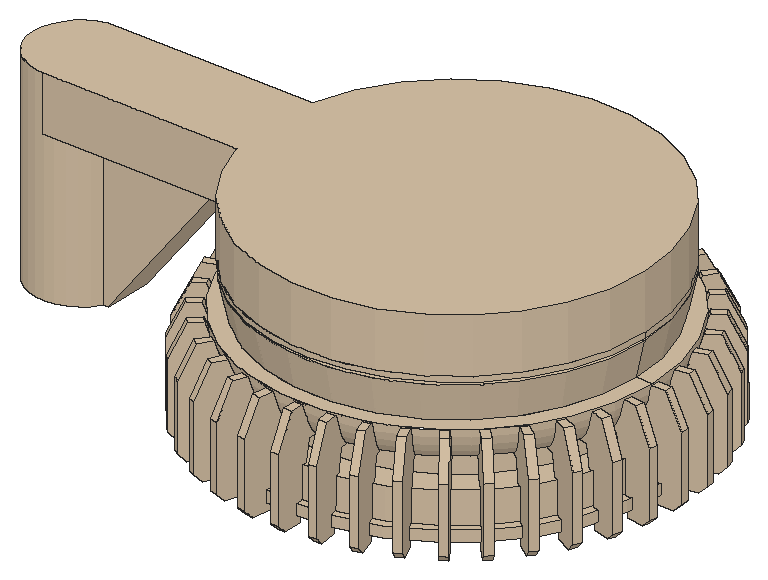
Revit family "KHL_Kemlu-Sanchion_0deg_Mount", category Lighting Fixtures, host Face, Revit 2021
Family settings
  Host = Face
  Round Connector Dimension = Use Diameter
  Part Type = Normal
  OmniClass Number = 23.80.70.14
  OmniClass Title = Luminaries for External Lighting
  Cut with Voids When Loaded = No
  Light Source = Yes
  Shared = No
  Room Calculation Point = No
Parameters (values of type "KHL-36L-X-5K-N")
  Wattage Comments = "86 Watts, 36 LEDs"
  Wattage = 86 W
  Watt = 86 W
  built-in parameter 1150110 = 1 (stored number, unit not read)
  Voltage = 277 V
  URL = "www.currentlighting.com/columbialighting"
  built-in parameter 1114217 = 1 (stored number, unit not read)
  Tilt Angle = -90.00°
  built-in parameter 1150109 = 1 (stored number, unit not read)
  built-in parameter 1150134 = 2
  built-in parameter 1150113 = 1 (stored number, unit not read)
  Product Page URL = ""
  Product Documentation Link = ""
  Power Factor = 1
  Photometric Web File = "KXL-36L-X-5K-N.ies"
  Optics = "Type V Rectangle"
  Model = "KHL - Kemlux III LED"  # constant formula
  Material Finish = Tan
  Manufacturer = "Columbia Lighting"  # constant formula
  built-in parameter 1150105 = 718.58 (stored number, unit not read)
  Lumens = 9030 lm
  built-in parameter 1150115 = 1 (stored number, unit not read)
  Load Classification = Lighting
  built-in parameter 1150137 = (empty or 0)
  built-in parameter 1150139 = (empty or 0)
  built-in parameter 1150112 = 1 (stored number, unit not read)
  built-in parameter 1150114 = 1 (stored number, unit not read)
  Lamp = "36 High Performanc LEDs"
  built-in parameter 1150132 = (empty or 0)
  built-in parameter 1150102 = (empty or 0)
  built-in parameter 1150107 = 5000 (stored number, unit not read)
  built-in parameter 1150138 = (empty or 0)
  built-in parameter 1150106 = 7.1858 (stored number, unit not read)
  Glass = White Glass
  Emit from Circle Diameter = 0' - 11"
  Emit Shape Visible in Rendering = no
  built-in parameter 1150104 = 9.7548 (stored number, unit not read)
  Dimming Lamp Color Temperature Shift = <None>
  Description = "Class I, Division 2 LED Fixture Series"  # constant formula
  Default Elevation = 4' - 0"
  Color Filter = 16777215
  built-in parameter 1114218 = 1 (stored number, unit not read)
  built-in parameter 1150133 = 10 (stored number, unit not read)
  Apparent Load = Watt / Power Factor  # 86 VA
Reference planes (in)
  plane 1 "Center (Front/Back)": y = 0
  plane 2: z = 0
  plane 3 "Center (Left/Right)": x = 0
  plane 4: z = 6.5
  plane 5: z = 4.75
  plane 6: x = 12
  plane 7: y = 0.75
  plane 8: y = -0.75
  plane 9: y = 1.5
  plane 10: y = -1.5
Forms (in)
  Extrusion 1, solid, material "Tan" <- "Material Finish"
    sketch origin (0, 0, 0) x (1, 0, 0) y (0, 1, 0)
      loop
        circle (0, 0) r 1.5
    from 0 to 6.5
  Extrusion 2, solid, material "Tan" <- "Material Finish"
    sketch origin (0, 0, 0) x (1, 0, 0) y (0, 1, 0)
      loop
        line (0, 1.5) -> (0, -1.5) -> (6.19052, -1.5)
        arc (6.19052, -1.5) -> (18, 0) -> (6.19052, 1.5) r 6
        line (6.19052, 1.5) -> (0, 1.5)
    from 6.5 to 4.75
  Extrusion 3, solid, material "Tan" <- "Material Finish"
    sketch origin (0, 0, 0) x (1, 0, 0) y (0, 0, 1)
      loop
        line (0, 5.53932) -> (0, 0) -> (1.5, 0) -> (5.759, 5.53932) -> (0, 5.53932)
    from 0.75 to -0.75
Cuts and joins
  joined: Extrusion 1, Extrusion 2, Extrusion 3
Lines and regions (in)
  reference lines
    curve 1: line (-5.55547, 0, 5.53932) -> (10.19453, 0, 5.53932)
    curve 2: line (7.29478, 0, 7.53677) -> (-0.62911, 0, -2.76915)
Dimensions and locks (in)
  plane 4 to plane 2 = 0' - 6 1/2"
  locked: plane 4 to plane 5 at 1.75
  locked: plane 6 to plane 3 "Center (Left/Right)" at 12
  equal spacing: plane 8, plane 1 "Center (Front/Back)", plane 7, locked at 0.75 each
  equal spacing: plane 9, plane 1 "Center (Front/Back)", plane 10, locked at 1.5 each
  aligned and locked: plane 2 to host face
  aligned and locked: level to host face
  aligned and locked: plane 4 to Extrusion 1
  aligned and locked: Extrusion 1 to plane 2
  aligned and locked: nested 1 to plane 6
  aligned and locked: plane 1 "Center (Front/Back)" to Extrusion 2 sketch curve
  aligned and locked: plane 6 to Extrusion 2 sketch curve
  aligned and locked: nested 1 to plane 1 "Center (Front/Back)"
  aligned and locked: plane 8 to Extrusion 3
  aligned and locked: plane 7 to Extrusion 3
  aligned and locked: plane 3 "Center (Left/Right)" to Extrusion 1 sketch curve
  aligned and locked: plane 1 "Center (Front/Back)" to Extrusion 1 sketch curve
  aligned and locked: plane 9 to cut or joined group of Extrusion 1, Extrusion 2, Extrusion 3
  aligned and locked: plane 10 to cut or joined group of Extrusion 1, Extrusion 2, Extrusion 3
  aligned and locked: Extrusion 2 to Extrusion 1
  aligned and locked: Extrusion 2 to plane 5
  aligned and locked: imposter light to plane 6
  aligned and locked: imposter light to nested 1
  aligned and locked: plane 1 "Center (Front/Back)" to imposter light
  aligned and locked: Extrusion 3 sketch curve to plane 3 "Center (Left/Right)"
  aligned and locked: plane 2 to Extrusion 3 sketch curve
  aligned and locked: curve 1 to Extrusion 3 sketch curve
  aligned and locked: curve 2 to Extrusion 3 sketch curve
Automatic sketch dimensions
  host sketch curve to host sketch curve = 8' - 0"  (x2)
  Extrusion 2 sketch curve to plane 3 "Center (Left/Right)" = 0' - 0"
  plane 8 to Extrusion 2 sketch curve = 0' - 0 3/4"
  Extrusion 2 sketch curve to plane 6 = 0' - 5.80948"
  plane 7 to Extrusion 2 sketch curve = 0' - 0 3/4"
  plane 5 to curve 1 = 0' - 0.78932"
  curve 1 to plane 3 "Center (Left/Right)" = 0' - 5.55547"
  curve 2 to plane 3 "Center (Left/Right)" = 0' - 0.62911"
  plane 4 to curve 2 = 0' - 1.03677"
  curve 2 to plane 6 = 0' - 4.70522"
  curve 1 to plane 6 = 0' - 1.80547"
  curve 2 to level = 0' - 2.76915"
  radius of Extrusion 1 sketch curve = 0' - 1 1/2"
Nested families (in)
  nested 1: "KHL" at (12, 0, 4.75) x (1, 0, 0) z (0, 0, -1), type "KHL"
Connectors (in)
  electrical at (12, 0, 4.5), driven by "Load Classification", driven by "Voltage", driven by "Apparent Load", driven by "Power Factor"
    settings: on nested 1, index 1, voltage 277 V, apparent load 86 VA, apparent load phase1 0 VA, apparent load phase2 0 VA, apparent load phase3 0 VA, power factor 1, load classification "Lighting", number of poles 1, system type 30, power factor state 1, is connector primary yes, connector utility no, sub classification motor no, connector description "Lighting Connector"
Definition of nested family "KHL"
  Parameters
    Wattage Comments = ""
    URL = ""
    Model = ""
    Material Finish = none
    Manufacturer = ""
    Lamp = ""
    IES FILE LINK = ""
    Glass = none
    Description = ""
    Default Elevation = 4' - 0"
    Apparent Load = 0 VA
  Reference planes (in)
    plane 1 "Center (Front/Back)": y = 0
    plane 2: z = 0
    plane 3 "Center (Left/Right)": x = 0
    plane 4: x = -7.25
    plane 5: x = 7.25
    plane 6: x = -5.5
    plane 7: x = 5.5
  Forms (in)
    Extrusion 1, solid
      sketch origin (0, 0, 0) x (1, 0, 0) y (0, 1, 0)
        loop
          line (-48, 48) -> (-48, -48) -> (48, -48) -> (48, 48) -> (-48, 48)
      from 0 to -12
    Revolve 2, solid, material <- "Material Finish"
      sketch origin (0, 0, -1.3125) x (1, 0, 0) y (0, 0, 1)
        loop
          line (5.73742, 2.6875) -> (6.24933, 2.6875)
          arc (6.24933, 2.6875) -> (6.15662, 3.19814) -> (5.89032, 3.6436) r 1.45262
          line (5.89032, 3.6436) -> (5.5, 3.6436) -> (5.5, 4.37254) -> (6.34375, 4.37254) -> (6.34375, 5.37007) -> (6.59375, 5.37007) -> (6.59375, 5.71977) -> (5.95302, 5.71977) -> (5.95302, 4.75) -> (0, 4.75) -> (0, 1.3125) -> (6, 1.3125) -> (6, 1.47979) -> (5.5, 1.47979) -> (5.5, 1.5625) -> (5.99031, 1.5625) -> (5.73742, 2.6875)
        axis (0, 5.71977) -> (0, 1.3125)
      angle from 0 to 360
    Extrusion 3, solid, material <- "Glass"
      sketch origin (0, 0, -1.3125) x (1, 0, 0) y (0, 1, 0)
        loop
          circle (0, 0) r 5.95302
      from 5.71977 to 5.56262
    Extrusion 4, solid, material <- "Material Finish"
      sketch origin (0, 0, -1.3125) x (1, 0, 0) y (0, 0, 1)
        loop
          line (6.42821, 6) -> (6.42821, 5.66655) -> (6.045, 3.7335) -> (5.75, 3.7335) -> (5.75, 3.06247) -> (6.1875, 3.06247) -> (6.31956, 2.66852) -> (6.75, 2.66852) -> (7.25, 3.69367) -> (7.25, 5.75) -> (7, 6) -> (6.42821, 6)
      from 0.125 to -0.125
    Extrusion 5, solid, material <- "Material Finish"
      sketch origin (0, 0, -1.3125) x (0.987688, -0.156434, 0) y (0, 0, 1)
        loop
          line (6.42821, 6) -> (6.42821, 5.66655) -> (6.045, 3.7335) -> (5.75, 3.7335) -> (5.75, 3.06247) -> (6.1875, 3.06247) -> (6.31956, 2.66852) -> (6.75, 2.66852) -> (7.25, 3.69367) -> (7.25, 5.75) -> (7, 6) -> (6.42821, 6)
      from 0.125 to -0.125
    Extrusion 6, solid, material <- "Material Finish"
      sketch origin (0, 0, -1.3125) x (0.951057, -0.309017, 0) y (0, 0, 1)
        loop
          line (6.42821, 6) -> (6.42821, 5.66655) -> (6.045, 3.7335) -> (5.75, 3.7335) -> (5.75, 3.06247) -> (6.1875, 3.06247) -> (6.31956, 2.66852) -> (6.75, 2.66852) -> (7.25, 3.69367) -> (7.25, 5.75) -> (7, 6) -> (6.42821, 6)
      from 0.125 to -0.125
    Extrusion 7, solid, material <- "Material Finish"
      sketch origin (0, 0, -1.3125) x (0.891007, -0.45399, 0) y (0, 0, 1)
        loop
          line (6.42821, 6) -> (6.42821, 5.66655) -> (6.045, 3.7335) -> (5.75, 3.7335) -> (5.75, 3.06247) -> (6.1875, 3.06247) -> (6.31956, 2.66852) -> (6.75, 2.66852) -> (7.25, 3.69367) -> (7.25, 5.75) -> (7, 6) -> (6.42821, 6)
      from 0.125 to -0.125
    Extrusion 8, solid, material <- "Material Finish"
      sketch origin (0, 0, -1.3125) x (0.809017, -0.587785, 0) y (0, 0, 1)
        loop
          line (6.42821, 6) -> (6.42821, 5.66655) -> (6.045, 3.7335) -> (5.75, 3.7335) -> (5.75, 3.06247) -> (6.1875, 3.06247) -> (6.31956, 2.66852) -> (6.75, 2.66852) -> (7.25, 3.69367) -> (7.25, 5.75) -> (7, 6) -> (6.42821, 6)
      from 0.125 to -0.125
    Extrusion 9, solid, material <- "Material Finish"
      sketch origin (0, 0, -1.3125) x (0.707107, -0.707107, 0) y (0, 0, 1)
        loop
          line (6.42821, 6) -> (6.42821, 5.66655) -> (6.045, 3.7335) -> (5.75, 3.7335) -> (5.75, 3.06247) -> (6.1875, 3.06247) -> (6.31956, 2.66852) -> (6.75, 2.66852) -> (7.25, 3.69367) -> (7.25, 5.75) -> (7, 6) -> (6.42821, 6)
      from 0.125 to -0.125
    Extrusion 10, solid, material <- "Material Finish"
      sketch origin (0, 0, -1.3125) x (0.587785, -0.809017, 0) y (0, 0, 1)
        loop
          line (6.42821, 6) -> (6.42821, 5.66655) -> (6.045, 3.7335) -> (5.75, 3.7335) -> (5.75, 3.06247) -> (6.1875, 3.06247) -> (6.31956, 2.66852) -> (6.75, 2.66852) -> (7.25, 3.69367) -> (7.25, 5.75) -> (7, 6) -> (6.42821, 6)
      from 0.125 to -0.125
    Extrusion 11, solid, material <- "Material Finish"
      sketch origin (0, 0, -1.3125) x (0.45399, -0.891007, 0) y (0, 0, 1)
        loop
          line (6.42821, 6) -> (6.42821, 5.66655) -> (6.045, 3.7335) -> (5.75, 3.7335) -> (5.75, 3.06247) -> (6.1875, 3.06247) -> (6.31956, 2.66852) -> (6.75, 2.66852) -> (7.25, 3.69367) -> (7.25, 5.75) -> (7, 6) -> (6.42821, 6)
      from 0.125 to -0.125
    Extrusion 12, solid, material <- "Material Finish"
      sketch origin (0, 0, -1.3125) x (0.309017, -0.951057, 0) y (0, 0, 1)
        loop
          line (6.42821, 6) -> (6.42821, 5.66655) -> (6.045, 3.7335) -> (5.75, 3.7335) -> (5.75, 3.06247) -> (6.1875, 3.06247) -> (6.31956, 2.66852) -> (6.75, 2.66852) -> (7.25, 3.69367) -> (7.25, 5.75) -> (7, 6) -> (6.42821, 6)
      from 0.125 to -0.125
    Extrusion 13, solid, material <- "Material Finish"
      sketch origin (0, 0, -1.3125) x (0.156434, -0.987688, 0) y (0, 0, 1)
        loop
          line (6.42821, 6) -> (6.42821, 5.66655) -> (6.045, 3.7335) -> (5.75, 3.7335) -> (5.75, 3.06247) -> (6.1875, 3.06247) -> (6.31956, 2.66852) -> (6.75, 2.66852) -> (7.25, 3.69367) -> (7.25, 5.75) -> (7, 6) -> (6.42821, 6)
      from 0.125 to -0.125
    Extrusion 14, solid, material <- "Material Finish"
      sketch origin (0, 0, -1.3125) x (0, -1, 0) y (0, 0, 1)
        loop
          line (6.42821, 6) -> (6.42821, 5.66655) -> (6.045, 3.7335) -> (5.75, 3.7335) -> (5.75, 3.06247) -> (6.1875, 3.06247) -> (6.31956, 2.66852) -> (6.75, 2.66852) -> (7.25, 3.69367) -> (7.25, 5.75) -> (7, 6) -> (6.42821, 6)
      from 0.125 to -0.125
    Extrusion 15, solid, material <- "Material Finish"
      sketch origin (0, 0, -1.3125) x (-0.156434, -0.987688, 0) y (0, 0, 1)
        loop
          line (6.42821, 6) -> (6.42821, 5.66655) -> (6.045, 3.7335) -> (5.75, 3.7335) -> (5.75, 3.06247) -> (6.1875, 3.06247) -> (6.31956, 2.66852) -> (6.75, 2.66852) -> (7.25, 3.69367) -> (7.25, 5.75) -> (7, 6) -> (6.42821, 6)
      from 0.125 to -0.125
    Extrusion 16, solid, material <- "Material Finish"
      sketch origin (0, 0, -1.3125) x (-0.309017, -0.951057, 0) y (0, 0, 1)
        loop
          line (6.42821, 6) -> (6.42821, 5.66655) -> (6.045, 3.7335) -> (5.75, 3.7335) -> (5.75, 3.06247) -> (6.1875, 3.06247) -> (6.31956, 2.66852) -> (6.75, 2.66852) -> (7.25, 3.69367) -> (7.25, 5.75) -> (7, 6) -> (6.42821, 6)
      from 0.125 to -0.125
    Extrusion 17, solid, material <- "Material Finish"
      sketch origin (0, 0, -1.3125) x (-0.45399, -0.891007, 0) y (0, 0, 1)
        loop
          line (6.42821, 6) -> (6.42821, 5.66655) -> (6.045, 3.7335) -> (5.75, 3.7335) -> (5.75, 3.06247) -> (6.1875, 3.06247) -> (6.31956, 2.66852) -> (6.75, 2.66852) -> (7.25, 3.69367) -> (7.25, 5.75) -> (7, 6) -> (6.42821, 6)
      from 0.125 to -0.125
    Extrusion 18, solid, material <- "Material Finish"
      sketch origin (0, 0, -1.3125) x (-0.587785, -0.809017, 0) y (0, 0, 1)
        loop
          line (6.42821, 6) -> (6.42821, 5.66655) -> (6.045, 3.7335) -> (5.75, 3.7335) -> (5.75, 3.06247) -> (6.1875, 3.06247) -> (6.31956, 2.66852) -> (6.75, 2.66852) -> (7.25, 3.69367) -> (7.25, 5.75) -> (7, 6) -> (6.42821, 6)
      from 0.125 to -0.125
    Extrusion 19, solid, material <- "Material Finish"
      sketch origin (0, 0, -1.3125) x (-0.707107, -0.707107, 0) y (0, 0, 1)
        loop
          line (6.42821, 6) -> (6.42821, 5.66655) -> (6.045, 3.7335) -> (5.75, 3.7335) -> (5.75, 3.06247) -> (6.1875, 3.06247) -> (6.31956, 2.66852) -> (6.75, 2.66852) -> (7.25, 3.69367) -> (7.25, 5.75) -> (7, 6) -> (6.42821, 6)
      from 0.125 to -0.125
    Extrusion 20, solid, material <- "Material Finish"
      sketch origin (0, 0, -1.3125) x (-0.809017, -0.587785, 0) y (0, 0, 1)
        loop
          line (6.42821, 6) -> (6.42821, 5.66655) -> (6.045, 3.7335) -> (5.75, 3.7335) -> (5.75, 3.06247) -> (6.1875, 3.06247) -> (6.31956, 2.66852) -> (6.75, 2.66852) -> (7.25, 3.69367) -> (7.25, 5.75) -> (7, 6) -> (6.42821, 6)
      from 0.125 to -0.125
    Extrusion 21, solid, material <- "Material Finish"
      sketch origin (0, 0, -1.3125) x (-0.891007, -0.45399, 0) y (0, 0, 1)
        loop
          line (6.42821, 6) -> (6.42821, 5.66655) -> (6.045, 3.7335) -> (5.75, 3.7335) -> (5.75, 3.06247) -> (6.1875, 3.06247) -> (6.31956, 2.66852) -> (6.75, 2.66852) -> (7.25, 3.69367) -> (7.25, 5.75) -> (7, 6) -> (6.42821, 6)
      from 0.125 to -0.125
    Extrusion 22, solid, material <- "Material Finish"
      sketch origin (0, 0, -1.3125) x (-0.951057, -0.309017, 0) y (0, 0, 1)
        loop
          line (6.42821, 6) -> (6.42821, 5.66655) -> (6.045, 3.7335) -> (5.75, 3.7335) -> (5.75, 3.06247) -> (6.1875, 3.06247) -> (6.31956, 2.66852) -> (6.75, 2.66852) -> (7.25, 3.69367) -> (7.25, 5.75) -> (7, 6) -> (6.42821, 6)
      from 0.125 to -0.125
    Extrusion 23, solid, material <- "Material Finish"
      sketch origin (0, 0, -1.3125) x (-0.987688, -0.156434, 0) y (0, 0, 1)
        loop
          line (6.42821, 6) -> (6.42821, 5.66655) -> (6.045, 3.7335) -> (5.75, 3.7335) -> (5.75, 3.06247) -> (6.1875, 3.06247) -> (6.31956, 2.66852) -> (6.75, 2.66852) -> (7.25, 3.69367) -> (7.25, 5.75) -> (7, 6) -> (6.42821, 6)
      from 0.125 to -0.125
    Extrusion 24, solid, material <- "Material Finish"
      sketch origin (0, 0, -1.3125) x (-1, 0, 0) y (0, 0, 1)
        loop
          line (6.42821, 6) -> (6.42821, 5.66655) -> (6.045, 3.7335) -> (5.75, 3.7335) -> (5.75, 3.06247) -> (6.1875, 3.06247) -> (6.31956, 2.66852) -> (6.75, 2.66852) -> (7.25, 3.69367) -> (7.25, 5.75) -> (7, 6) -> (6.42821, 6)
      from 0.125 to -0.125
    Extrusion 25, solid, material <- "Material Finish"
      sketch origin (0, 0, -1.3125) x (-0.987688, 0.156434, 0) y (0, 0, 1)
        loop
          line (6.42821, 6) -> (6.42821, 5.66655) -> (6.045, 3.7335) -> (5.75, 3.7335) -> (5.75, 3.06247) -> (6.1875, 3.06247) -> (6.31956, 2.66852) -> (6.75, 2.66852) -> (7.25, 3.69367) -> (7.25, 5.75) -> (7, 6) -> (6.42821, 6)
      from 0.125 to -0.125
    Extrusion 26, solid, material <- "Material Finish"
      sketch origin (0, 0, -1.3125) x (-0.951057, 0.309017, 0) y (0, 0, 1)
        loop
          line (6.42821, 6) -> (6.42821, 5.66655) -> (6.045, 3.7335) -> (5.75, 3.7335) -> (5.75, 3.06247) -> (6.1875, 3.06247) -> (6.31956, 2.66852) -> (6.75, 2.66852) -> (7.25, 3.69367) -> (7.25, 5.75) -> (7, 6) -> (6.42821, 6)
      from 0.125 to -0.125
    Extrusion 27, solid, material <- "Material Finish"
      sketch origin (0, 0, -1.3125) x (-0.891007, 0.45399, 0) y (0, 0, 1)
        loop
          line (6.42821, 6) -> (6.42821, 5.66655) -> (6.045, 3.7335) -> (5.75, 3.7335) -> (5.75, 3.06247) -> (6.1875, 3.06247) -> (6.31956, 2.66852) -> (6.75, 2.66852) -> (7.25, 3.69367) -> (7.25, 5.75) -> (7, 6) -> (6.42821, 6)
      from 0.125 to -0.125
    Extrusion 28, solid, material <- "Material Finish"
      sketch origin (0, 0, -1.3125) x (-0.809017, 0.587785, 0) y (0, 0, 1)
        loop
          line (6.42821, 6) -> (6.42821, 5.66655) -> (6.045, 3.7335) -> (5.75, 3.7335) -> (5.75, 3.06247) -> (6.1875, 3.06247) -> (6.31956, 2.66852) -> (6.75, 2.66852) -> (7.25, 3.69367) -> (7.25, 5.75) -> (7, 6) -> (6.42821, 6)
      from 0.125 to -0.125
    Extrusion 29, solid, material <- "Material Finish"
      sketch origin (0, 0, -1.3125) x (-0.707107, 0.707107, 0) y (0, 0, 1)
        loop
          line (6.42821, 6) -> (6.42821, 5.66655) -> (6.045, 3.7335) -> (5.75, 3.7335) -> (5.75, 3.06247) -> (6.1875, 3.06247) -> (6.31956, 2.66852) -> (6.75, 2.66852) -> (7.25, 3.69367) -> (7.25, 5.75) -> (7, 6) -> (6.42821, 6)
      from 0.125 to -0.125
    Extrusion 30, solid, material <- "Material Finish"
      sketch origin (0, 0, -1.3125) x (-0.587785, 0.809017, 0) y (0, 0, 1)
        loop
          line (6.42821, 6) -> (6.42821, 5.66655) -> (6.045, 3.7335) -> (5.75, 3.7335) -> (5.75, 3.06247) -> (6.1875, 3.06247) -> (6.31956, 2.66852) -> (6.75, 2.66852) -> (7.25, 3.69367) -> (7.25, 5.75) -> (7, 6) -> (6.42821, 6)
      from 0.125 to -0.125
    Extrusion 31, solid, material <- "Material Finish"
      sketch origin (0, 0, -1.3125) x (-0.45399, 0.891007, 0) y (0, 0, 1)
        loop
          line (6.42821, 6) -> (6.42821, 5.66655) -> (6.045, 3.7335) -> (5.75, 3.7335) -> (5.75, 3.06247) -> (6.1875, 3.06247) -> (6.31956, 2.66852) -> (6.75, 2.66852) -> (7.25, 3.69367) -> (7.25, 5.75) -> (7, 6) -> (6.42821, 6)
      from 0.125 to -0.125
    Extrusion 32, solid, material <- "Material Finish"
      sketch origin (0, 0, -1.3125) x (-0.309017, 0.951057, 0) y (0, 0, 1)
        loop
          line (6.42821, 6) -> (6.42821, 5.66655) -> (6.045, 3.7335) -> (5.75, 3.7335) -> (5.75, 3.06247) -> (6.1875, 3.06247) -> (6.31956, 2.66852) -> (6.75, 2.66852) -> (7.25, 3.69367) -> (7.25, 5.75) -> (7, 6) -> (6.42821, 6)
      from 0.125 to -0.125
    Extrusion 33, solid, material <- "Material Finish"
      sketch origin (0, 0, -1.3125) x (-0.156434, 0.987688, 0) y (0, 0, 1)
        loop
          line (6.42821, 6) -> (6.42821, 5.66655) -> (6.045, 3.7335) -> (5.75, 3.7335) -> (5.75, 3.06247) -> (6.1875, 3.06247) -> (6.31956, 2.66852) -> (6.75, 2.66852) -> (7.25, 3.69367) -> (7.25, 5.75) -> (7, 6) -> (6.42821, 6)
      from 0.125 to -0.125
    Extrusion 34, solid, material <- "Material Finish"
      sketch origin (0, 0, -1.3125) x (0, 1, 0) y (0, 0, 1)
        loop
          line (6.42821, 6) -> (6.42821, 5.66655) -> (6.045, 3.7335) -> (5.75, 3.7335) -> (5.75, 3.06247) -> (6.1875, 3.06247) -> (6.31956, 2.66852) -> (6.75, 2.66852) -> (7.25, 3.69367) -> (7.25, 5.75) -> (7, 6) -> (6.42821, 6)
      from 0.125 to -0.125
    Extrusion 35, solid, material <- "Material Finish"
      sketch origin (0, 0, -1.3125) x (0.156434, 0.987688, 0) y (0, 0, 1)
        loop
          line (6.42821, 6) -> (6.42821, 5.66655) -> (6.045, 3.7335) -> (5.75, 3.7335) -> (5.75, 3.06247) -> (6.1875, 3.06247) -> (6.31956, 2.66852) -> (6.75, 2.66852) -> (7.25, 3.69367) -> (7.25, 5.75) -> (7, 6) -> (6.42821, 6)
      from 0.125 to -0.125
    Extrusion 36, solid, material <- "Material Finish"
      sketch origin (0, 0, -1.3125) x (0.309017, 0.951057, 0) y (0, 0, 1)
        loop
          line (6.42821, 6) -> (6.42821, 5.66655) -> (6.045, 3.7335) -> (5.75, 3.7335) -> (5.75, 3.06247) -> (6.1875, 3.06247) -> (6.31956, 2.66852) -> (6.75, 2.66852) -> (7.25, 3.69367) -> (7.25, 5.75) -> (7, 6) -> (6.42821, 6)
      from 0.125 to -0.125
    Extrusion 37, solid, material <- "Material Finish"
      sketch origin (0, 0, -1.3125) x (0.45399, 0.891007, 0) y (0, 0, 1)
        loop
          line (6.42821, 6) -> (6.42821, 5.66655) -> (6.045, 3.7335) -> (5.75, 3.7335) -> (5.75, 3.06247) -> (6.1875, 3.06247) -> (6.31956, 2.66852) -> (6.75, 2.66852) -> (7.25, 3.69367) -> (7.25, 5.75) -> (7, 6) -> (6.42821, 6)
      from 0.125 to -0.125
    Extrusion 38, solid, material <- "Material Finish"
      sketch origin (0, 0, -1.3125) x (0.587785, 0.809017, 0) y (0, 0, 1)
        loop
          line (6.42821, 6) -> (6.42821, 5.66655) -> (6.045, 3.7335) -> (5.75, 3.7335) -> (5.75, 3.06247) -> (6.1875, 3.06247) -> (6.31956, 2.66852) -> (6.75, 2.66852) -> (7.25, 3.69367) -> (7.25, 5.75) -> (7, 6) -> (6.42821, 6)
      from 0.125 to -0.125
    Extrusion 39, solid, material <- "Material Finish"
      sketch origin (0, 0, -1.3125) x (0.707107, 0.707107, 0) y (0, 0, 1)
        loop
          line (6.42821, 6) -> (6.42821, 5.66655) -> (6.045, 3.7335) -> (5.75, 3.7335) -> (5.75, 3.06247) -> (6.1875, 3.06247) -> (6.31956, 2.66852) -> (6.75, 2.66852) -> (7.25, 3.69367) -> (7.25, 5.75) -> (7, 6) -> (6.42821, 6)
      from 0.125 to -0.125
    Extrusion 40, solid, material <- "Material Finish"
      sketch origin (0, 0, -1.3125) x (0.809017, 0.587785, 0) y (0, 0, 1)
        loop
          line (6.42821, 6) -> (6.42821, 5.66655) -> (6.045, 3.7335) -> (5.75, 3.7335) -> (5.75, 3.06247) -> (6.1875, 3.06247) -> (6.31956, 2.66852) -> (6.75, 2.66852) -> (7.25, 3.69367) -> (7.25, 5.75) -> (7, 6) -> (6.42821, 6)
      from 0.125 to -0.125
    Extrusion 41, solid, material <- "Material Finish"
      sketch origin (0, 0, -1.3125) x (0.891007, 0.45399, 0) y (0, 0, 1)
        loop
          line (6.42821, 6) -> (6.42821, 5.66655) -> (6.045, 3.7335) -> (5.75, 3.7335) -> (5.75, 3.06247) -> (6.1875, 3.06247) -> (6.31956, 2.66852) -> (6.75, 2.66852) -> (7.25, 3.69367) -> (7.25, 5.75) -> (7, 6) -> (6.42821, 6)
      from 0.125 to -0.125
    Extrusion 42, solid, material <- "Material Finish"
      sketch origin (0, 0, -1.3125) x (0.951057, 0.309017, 0) y (0, 0, 1)
        loop
          line (6.42821, 6) -> (6.42821, 5.66655) -> (6.045, 3.7335) -> (5.75, 3.7335) -> (5.75, 3.06247) -> (6.1875, 3.06247) -> (6.31956, 2.66852) -> (6.75, 2.66852) -> (7.25, 3.69367) -> (7.25, 5.75) -> (7, 6) -> (6.42821, 6)
      from 0.125 to -0.125
    Extrusion 43, solid, material <- "Material Finish"
      sketch origin (0, 0, -1.3125) x (0.987688, 0.156434, 0) y (0, 0, 1)
        loop
          line (6.42821, 6) -> (6.42821, 5.66655) -> (6.045, 3.7335) -> (5.75, 3.7335) -> (5.75, 3.06247) -> (6.1875, 3.06247) -> (6.31956, 2.66852) -> (6.75, 2.66852) -> (7.25, 3.69367) -> (7.25, 5.75) -> (7, 6) -> (6.42821, 6)
      from 0.125 to -0.125
  Lines and regions (in)
    reference lines
      curve 1: line (5.95302, 0, 4.75) -> (0, 0, 4.75)
      curve 2: line (5.95302, 0, 5.92266) -> (5.95302, 0, 4.75)
      curve 3: line (6.59375, 0, 5.37007) -> (6.59375, 0, 5.92266)
      curve 4: line (6.34375, 0, 5.37007) -> (6.59375, 0, 5.37007)
      curve 5: line (6.34375, 0, 4.37254) -> (5.5, 0, 4.37254)
      curve 6: line (6.34375, 0, 4.37254) -> (6.34375, 0, 5.37007)
      curve 7: arc (6.25, 0, 2.75) -> (6.14885, 0, 3.28681) -> (5.85927, 0, 3.75) r 1.47501
      curve 8: line (5.85927, 0, 2.75) -> (6.25, 0, 2.75)
      curve 9: line (5.85927, 0, 2.75) -> (5.85927, 0, 1.75)
      curve 10: line (5.85927, 0, 1.75) -> (4.74529, 0, 1.75)
      curve 11: line (5.85927, 0, 3.75) -> (4.8978, 0, 3.75)
      curve 12: line (5.10824, 0, 5.71977) -> (6.99125, 0, 5.71977)
  Dimensions and locks (in)
    equal spacing: plane 5, plane 3 "Center (Left/Right)", plane 4
    locked: plane 5 to plane 4 at 14.5
    equal spacing: plane 7, plane 3 "Center (Left/Right)", plane 6, locked at 5.5 each
    aligned and locked: plane 2 to Extrusion 1
    aligned and locked: level to Extrusion 1
    aligned and locked: Extrusion 3 sketch curve to Revolve 2
  Automatic sketch dimensions
    Extrusion 4 sketch curve to Extrusion 4 sketch curve = 0' - 0 7/16"
    Extrusion 4 sketch curve to Extrusion 4 sketch curve = 0' - 0.13206"
    Extrusion 4 sketch curve to Extrusion 4 sketch curve = 0' - 0.295"
    Extrusion 4 sketch curve to Extrusion 4 sketch curve = 0' - 0.38321"
    Extrusion 4 sketch curve to Extrusion 4 sketch curve = 0' - 0.43044"
    Extrusion 4 sketch curve to Extrusion 4 sketch curve = 0' - 0.57179"
    Extrusion 4 sketch curve to Extrusion 4 sketch curve = 0' - 0 1/4"  (x2)
    Extrusion 4 sketch curve to Extrusion 4 sketch curve = 0' - 0.39395"
    Extrusion 4 sketch curve to Extrusion 4 sketch curve = 0' - 1.02515"
    Extrusion 4 sketch curve to Extrusion 4 sketch curve = 0' - 0.67103"
    Extrusion 4 sketch curve to Extrusion 4 sketch curve = 0' - 1.93305"
    Extrusion 4 sketch curve to Extrusion 4 sketch curve = 0' - 0.08345"
    Extrusion 5 sketch curve to Extrusion 5 sketch curve = 0' - 0 7/16"
    Extrusion 5 sketch curve to Extrusion 5 sketch curve = 0' - 0.13206"
    Extrusion 5 sketch curve to Extrusion 5 sketch curve = 0' - 0.295"
    Extrusion 5 sketch curve to Extrusion 5 sketch curve = 0' - 0.38321"
    Extrusion 5 sketch curve to Extrusion 5 sketch curve = 0' - 0.43044"
    Extrusion 5 sketch curve to Extrusion 5 sketch curve = 0' - 0.57179"
    Extrusion 5 sketch curve to Extrusion 5 sketch curve = 0' - 0 1/4"  (x2)
    Extrusion 5 sketch curve to Extrusion 5 sketch curve = 0' - 0.39395"
    Extrusion 5 sketch curve to Extrusion 5 sketch curve = 0' - 1.02515"
    Extrusion 5 sketch curve to Extrusion 5 sketch curve = 0' - 0.67103"
    Extrusion 5 sketch curve to Extrusion 5 sketch curve = 0' - 1.93305"
    Extrusion 5 sketch curve to Extrusion 5 sketch curve = 0' - 0.08345"
    Extrusion 6 sketch curve to Extrusion 6 sketch curve = 0' - 0 7/16"
    Extrusion 6 sketch curve to Extrusion 6 sketch curve = 0' - 0.13206"
    Extrusion 6 sketch curve to Extrusion 6 sketch curve = 0' - 0.295"
    Extrusion 6 sketch curve to Extrusion 6 sketch curve = 0' - 0.38321"
    Extrusion 6 sketch curve to Extrusion 6 sketch curve = 0' - 0.43044"
    Extrusion 6 sketch curve to Extrusion 6 sketch curve = 0' - 0.57179"
    Extrusion 6 sketch curve to Extrusion 6 sketch curve = 0' - 0 1/4"  (x2)
    Extrusion 6 sketch curve to Extrusion 6 sketch curve = 0' - 0.39395"
    Extrusion 6 sketch curve to Extrusion 6 sketch curve = 0' - 1.02515"
    Extrusion 6 sketch curve to Extrusion 6 sketch curve = 0' - 0.67103"
    Extrusion 6 sketch curve to Extrusion 6 sketch curve = 0' - 1.93305"
    Extrusion 6 sketch curve to Extrusion 6 sketch curve = 0' - 0.08345"
    Extrusion 7 sketch curve to Extrusion 7 sketch curve = 0' - 0 7/16"
    Extrusion 7 sketch curve to Extrusion 7 sketch curve = 0' - 0.13206"
    Extrusion 7 sketch curve to Extrusion 7 sketch curve = 0' - 0.295"
    Extrusion 7 sketch curve to Extrusion 7 sketch curve = 0' - 0.38321"
    Extrusion 7 sketch curve to Extrusion 7 sketch curve = 0' - 0.43044"
    Extrusion 7 sketch curve to Extrusion 7 sketch curve = 0' - 0.57179"
    Extrusion 7 sketch curve to Extrusion 7 sketch curve = 0' - 0 1/4"  (x2)
    Extrusion 7 sketch curve to Extrusion 7 sketch curve = 0' - 0.39395"
    Extrusion 7 sketch curve to Extrusion 7 sketch curve = 0' - 1.02515"
    Extrusion 7 sketch curve to Extrusion 7 sketch curve = 0' - 0.67103"
    Extrusion 7 sketch curve to Extrusion 7 sketch curve = 0' - 1.93305"
    Extrusion 7 sketch curve to Extrusion 7 sketch curve = 0' - 0.08345"
    Extrusion 8 sketch curve to Extrusion 8 sketch curve = 0' - 0 7/16"
    Extrusion 8 sketch curve to Extrusion 8 sketch curve = 0' - 0.13206"
    Extrusion 8 sketch curve to Extrusion 8 sketch curve = 0' - 0.295"
    Extrusion 8 sketch curve to Extrusion 8 sketch curve = 0' - 0.38321"
    Extrusion 8 sketch curve to Extrusion 8 sketch curve = 0' - 0.43044"
    Extrusion 8 sketch curve to Extrusion 8 sketch curve = 0' - 0.57179"
    Extrusion 8 sketch curve to Extrusion 8 sketch curve = 0' - 0 1/4"  (x2)
    Extrusion 8 sketch curve to Extrusion 8 sketch curve = 0' - 0.39395"
    Extrusion 8 sketch curve to Extrusion 8 sketch curve = 0' - 1.02515"
    Extrusion 8 sketch curve to Extrusion 8 sketch curve = 0' - 0.67103"
    Extrusion 8 sketch curve to Extrusion 8 sketch curve = 0' - 1.93305"
    Extrusion 8 sketch curve to Extrusion 8 sketch curve = 0' - 0.08345"
    Extrusion 9 sketch curve to Extrusion 9 sketch curve = 0' - 0 7/16"
    Extrusion 9 sketch curve to Extrusion 9 sketch curve = 0' - 0.13206"
    Extrusion 9 sketch curve to Extrusion 9 sketch curve = 0' - 0.295"
    Extrusion 9 sketch curve to Extrusion 9 sketch curve = 0' - 0.38321"
    Extrusion 9 sketch curve to Extrusion 9 sketch curve = 0' - 0.43044"
    Extrusion 9 sketch curve to Extrusion 9 sketch curve = 0' - 0.57179"
    Extrusion 9 sketch curve to Extrusion 9 sketch curve = 0' - 0 1/4"  (x2)
    Extrusion 9 sketch curve to Extrusion 9 sketch curve = 0' - 0.39395"
    Extrusion 9 sketch curve to Extrusion 9 sketch curve = 0' - 1.02515"
    Extrusion 9 sketch curve to Extrusion 9 sketch curve = 0' - 0.67103"
    Extrusion 9 sketch curve to Extrusion 9 sketch curve = 0' - 1.93305"
    Extrusion 9 sketch curve to Extrusion 9 sketch curve = 0' - 0.08345"
    Extrusion 10 sketch curve to Extrusion 10 sketch curve = 0' - 0 7/16"
    Extrusion 10 sketch curve to Extrusion 10 sketch curve = 0' - 0.13206"
    Extrusion 10 sketch curve to Extrusion 10 sketch curve = 0' - 0.295"
    Extrusion 10 sketch curve to Extrusion 10 sketch curve = 0' - 0.38321"
    Extrusion 10 sketch curve to Extrusion 10 sketch curve = 0' - 0.43044"
    Extrusion 10 sketch curve to Extrusion 10 sketch curve = 0' - 0.57179"
    Extrusion 10 sketch curve to Extrusion 10 sketch curve = 0' - 0 1/4"  (x2)
    Extrusion 10 sketch curve to Extrusion 10 sketch curve = 0' - 0.39395"
    Extrusion 10 sketch curve to Extrusion 10 sketch curve = 0' - 1.02515"
    Extrusion 10 sketch curve to Extrusion 10 sketch curve = 0' - 0.67103"
    Extrusion 10 sketch curve to Extrusion 10 sketch curve = 0' - 1.93305"
    Extrusion 10 sketch curve to Extrusion 10 sketch curve = 0' - 0.08345"
    Extrusion 11 sketch curve to Extrusion 11 sketch curve = 0' - 0 7/16"
    Extrusion 11 sketch curve to Extrusion 11 sketch curve = 0' - 0.13206"
    Extrusion 11 sketch curve to Extrusion 11 sketch curve = 0' - 0.295"
    Extrusion 11 sketch curve to Extrusion 11 sketch curve = 0' - 0.38321"
    Extrusion 11 sketch curve to Extrusion 11 sketch curve = 0' - 0.43044"
    Extrusion 11 sketch curve to Extrusion 11 sketch curve = 0' - 0.57179"
    Extrusion 11 sketch curve to Extrusion 11 sketch curve = 0' - 0 1/4"  (x2)
    Extrusion 11 sketch curve to Extrusion 11 sketch curve = 0' - 0.39395"
    Extrusion 11 sketch curve to Extrusion 11 sketch curve = 0' - 1.02515"
    Extrusion 11 sketch curve to Extrusion 11 sketch curve = 0' - 0.67103"
    Extrusion 11 sketch curve to Extrusion 11 sketch curve = 0' - 1.93305"
    Extrusion 11 sketch curve to Extrusion 11 sketch curve = 0' - 0.08345"
    Extrusion 12 sketch curve to Extrusion 12 sketch curve = 0' - 0 7/16"
    Extrusion 12 sketch curve to Extrusion 12 sketch curve = 0' - 0.13206"
    Extrusion 12 sketch curve to Extrusion 12 sketch curve = 0' - 0.295"
    Extrusion 12 sketch curve to Extrusion 12 sketch curve = 0' - 0.38321"
    Extrusion 12 sketch curve to Extrusion 12 sketch curve = 0' - 0.43044"
    Extrusion 12 sketch curve to Extrusion 12 sketch curve = 0' - 0.57179"
    Extrusion 12 sketch curve to Extrusion 12 sketch curve = 0' - 0 1/4"  (x2)
    Extrusion 12 sketch curve to Extrusion 12 sketch curve = 0' - 0.39395"
    Extrusion 12 sketch curve to Extrusion 12 sketch curve = 0' - 1.02515"
    Extrusion 12 sketch curve to Extrusion 12 sketch curve = 0' - 0.67103"
    Extrusion 12 sketch curve to Extrusion 12 sketch curve = 0' - 1.93305"
    Extrusion 12 sketch curve to Extrusion 12 sketch curve = 0' - 0.08345"
    Extrusion 13 sketch curve to Extrusion 13 sketch curve = 0' - 0 7/16"
    Extrusion 13 sketch curve to Extrusion 13 sketch curve = 0' - 0.13206"
    Extrusion 13 sketch curve to Extrusion 13 sketch curve = 0' - 0.295"
    Extrusion 13 sketch curve to Extrusion 13 sketch curve = 0' - 0.38321"
    Extrusion 13 sketch curve to Extrusion 13 sketch curve = 0' - 0.43044"
    Extrusion 13 sketch curve to Extrusion 13 sketch curve = 0' - 0.57179"
    Extrusion 13 sketch curve to Extrusion 13 sketch curve = 0' - 0 1/4"  (x2)
    Extrusion 13 sketch curve to Extrusion 13 sketch curve = 0' - 0.39395"
    Extrusion 13 sketch curve to Extrusion 13 sketch curve = 0' - 1.02515"
    Extrusion 13 sketch curve to Extrusion 13 sketch curve = 0' - 0.67103"
    Extrusion 13 sketch curve to Extrusion 13 sketch curve = 0' - 1.93305"
    Extrusion 13 sketch curve to Extrusion 13 sketch curve = 0' - 0.08345"
    Extrusion 14 sketch curve to Extrusion 14 sketch curve = 0' - 0 7/16"
    Extrusion 14 sketch curve to Extrusion 14 sketch curve = 0' - 0.13206"
    Extrusion 14 sketch curve to Extrusion 14 sketch curve = 0' - 0.295"
    Extrusion 14 sketch curve to Extrusion 14 sketch curve = 0' - 0.38321"
    Extrusion 14 sketch curve to Extrusion 14 sketch curve = 0' - 0.43044"
    Extrusion 14 sketch curve to Extrusion 14 sketch curve = 0' - 0.57179"
    Extrusion 14 sketch curve to Extrusion 14 sketch curve = 0' - 0 1/4"  (x2)
    Extrusion 14 sketch curve to Extrusion 14 sketch curve = 0' - 0.39395"
    Extrusion 14 sketch curve to Extrusion 14 sketch curve = 0' - 1.02515"
    Extrusion 14 sketch curve to Extrusion 14 sketch curve = 0' - 0.67103"
    Extrusion 14 sketch curve to Extrusion 14 sketch curve = 0' - 1.93305"
    Extrusion 14 sketch curve to Extrusion 14 sketch curve = 0' - 0.08345"
    Extrusion 15 sketch curve to Extrusion 15 sketch curve = 0' - 0 7/16"
    Extrusion 15 sketch curve to Extrusion 15 sketch curve = 0' - 0.13206"
    Extrusion 15 sketch curve to Extrusion 15 sketch curve = 0' - 0.295"
    Extrusion 15 sketch curve to Extrusion 15 sketch curve = 0' - 0.38321"
    Extrusion 15 sketch curve to Extrusion 15 sketch curve = 0' - 0.43044"
    Extrusion 15 sketch curve to Extrusion 15 sketch curve = 0' - 0.57179"
    Extrusion 15 sketch curve to Extrusion 15 sketch curve = 0' - 0 1/4"  (x2)
    Extrusion 15 sketch curve to Extrusion 15 sketch curve = 0' - 0.39395"
    Extrusion 15 sketch curve to Extrusion 15 sketch curve = 0' - 1.02515"
    Extrusion 15 sketch curve to Extrusion 15 sketch curve = 0' - 0.67103"
    Extrusion 15 sketch curve to Extrusion 15 sketch curve = 0' - 1.93305"
    Extrusion 15 sketch curve to Extrusion 15 sketch curve = 0' - 0.08345"
    Extrusion 16 sketch curve to Extrusion 16 sketch curve = 0' - 0 7/16"
    Extrusion 16 sketch curve to Extrusion 16 sketch curve = 0' - 0.13206"
    Extrusion 16 sketch curve to Extrusion 16 sketch curve = 0' - 0.295"
    Extrusion 16 sketch curve to Extrusion 16 sketch curve = 0' - 0.38321"
    Extrusion 16 sketch curve to Extrusion 16 sketch curve = 0' - 0.43044"
    Extrusion 16 sketch curve to Extrusion 16 sketch curve = 0' - 0.57179"
    Extrusion 16 sketch curve to Extrusion 16 sketch curve = 0' - 0 1/4"  (x2)
    Extrusion 16 sketch curve to Extrusion 16 sketch curve = 0' - 0.39395"
    Extrusion 16 sketch curve to Extrusion 16 sketch curve = 0' - 1.02515"
    Extrusion 16 sketch curve to Extrusion 16 sketch curve = 0' - 0.67103"
    Extrusion 16 sketch curve to Extrusion 16 sketch curve = 0' - 1.93305"
    Extrusion 16 sketch curve to Extrusion 16 sketch curve = 0' - 0.08345"
    Extrusion 17 sketch curve to Extrusion 17 sketch curve = 0' - 0 7/16"
    Extrusion 17 sketch curve to Extrusion 17 sketch curve = 0' - 0.13206"
    Extrusion 17 sketch curve to Extrusion 17 sketch curve = 0' - 0.295"
    Extrusion 17 sketch curve to Extrusion 17 sketch curve = 0' - 0.38321"
    Extrusion 17 sketch curve to Extrusion 17 sketch curve = 0' - 0.43044"
    Extrusion 17 sketch curve to Extrusion 17 sketch curve = 0' - 0.57179"
    Extrusion 17 sketch curve to Extrusion 17 sketch curve = 0' - 0 1/4"  (x2)
    Extrusion 17 sketch curve to Extrusion 17 sketch curve = 0' - 0.39395"
    Extrusion 17 sketch curve to Extrusion 17 sketch curve = 0' - 1.02515"
    Extrusion 17 sketch curve to Extrusion 17 sketch curve = 0' - 0.67103"
    Extrusion 17 sketch curve to Extrusion 17 sketch curve = 0' - 1.93305"
    Extrusion 17 sketch curve to Extrusion 17 sketch curve = 0' - 0.08345"
    Extrusion 18 sketch curve to Extrusion 18 sketch curve = 0' - 0 7/16"
    Extrusion 18 sketch curve to Extrusion 18 sketch curve = 0' - 0.13206"
    Extrusion 18 sketch curve to Extrusion 18 sketch curve = 0' - 0.295"
    Extrusion 18 sketch curve to Extrusion 18 sketch curve = 0' - 0.38321"
    Extrusion 18 sketch curve to Extrusion 18 sketch curve = 0' - 0.43044"
    Extrusion 18 sketch curve to Extrusion 18 sketch curve = 0' - 0.57179"
    Extrusion 18 sketch curve to Extrusion 18 sketch curve = 0' - 0 1/4"  (x2)
    Extrusion 18 sketch curve to Extrusion 18 sketch curve = 0' - 0.39395"
    Extrusion 18 sketch curve to Extrusion 18 sketch curve = 0' - 1.02515"
    Extrusion 18 sketch curve to Extrusion 18 sketch curve = 0' - 0.67103"
    Extrusion 18 sketch curve to Extrusion 18 sketch curve = 0' - 1.93305"
    Extrusion 18 sketch curve to Extrusion 18 sketch curve = 0' - 0.08345"
    Extrusion 19 sketch curve to Extrusion 19 sketch curve = 0' - 0 7/16"
    Extrusion 19 sketch curve to Extrusion 19 sketch curve = 0' - 0.13206"
    Extrusion 19 sketch curve to Extrusion 19 sketch curve = 0' - 0.295"
    Extrusion 19 sketch curve to Extrusion 19 sketch curve = 0' - 0.38321"
    Extrusion 19 sketch curve to Extrusion 19 sketch curve = 0' - 0.43044"
    Extrusion 19 sketch curve to Extrusion 19 sketch curve = 0' - 0.57179"
    Extrusion 19 sketch curve to Extrusion 19 sketch curve = 0' - 0 1/4"  (x2)
    Extrusion 19 sketch curve to Extrusion 19 sketch curve = 0' - 0.39395"
    Extrusion 19 sketch curve to Extrusion 19 sketch curve = 0' - 1.02515"
    Extrusion 19 sketch curve to Extrusion 19 sketch curve = 0' - 0.67103"
    Extrusion 19 sketch curve to Extrusion 19 sketch curve = 0' - 1.93305"
    Extrusion 19 sketch curve to Extrusion 19 sketch curve = 0' - 0.08345"
    Extrusion 20 sketch curve to Extrusion 20 sketch curve = 0' - 0 7/16"
    Extrusion 20 sketch curve to Extrusion 20 sketch curve = 0' - 0.13206"
    Extrusion 20 sketch curve to Extrusion 20 sketch curve = 0' - 0.295"
    Extrusion 20 sketch curve to Extrusion 20 sketch curve = 0' - 0.38321"
    Extrusion 20 sketch curve to Extrusion 20 sketch curve = 0' - 0.43044"
    Extrusion 20 sketch curve to Extrusion 20 sketch curve = 0' - 0.57179"
    Extrusion 20 sketch curve to Extrusion 20 sketch curve = 0' - 0 1/4"  (x2)
    Extrusion 20 sketch curve to Extrusion 20 sketch curve = 0' - 0.39395"
    Extrusion 20 sketch curve to Extrusion 20 sketch curve = 0' - 1.02515"
    Extrusion 20 sketch curve to Extrusion 20 sketch curve = 0' - 0.67103"
    Extrusion 20 sketch curve to Extrusion 20 sketch curve = 0' - 1.93305"
    Extrusion 20 sketch curve to Extrusion 20 sketch curve = 0' - 0.08345"
    Extrusion 21 sketch curve to Extrusion 21 sketch curve = 0' - 0 7/16"
    Extrusion 21 sketch curve to Extrusion 21 sketch curve = 0' - 0.13206"
    Extrusion 21 sketch curve to Extrusion 21 sketch curve = 0' - 0.295"
    Extrusion 21 sketch curve to Extrusion 21 sketch curve = 0' - 0.38321"
    Extrusion 21 sketch curve to Extrusion 21 sketch curve = 0' - 0.43044"
    Extrusion 21 sketch curve to Extrusion 21 sketch curve = 0' - 0.57179"
    Extrusion 21 sketch curve to Extrusion 21 sketch curve = 0' - 0 1/4"  (x2)
    Extrusion 21 sketch curve to Extrusion 21 sketch curve = 0' - 0.39395"
    Extrusion 21 sketch curve to Extrusion 21 sketch curve = 0' - 1.02515"
    Extrusion 21 sketch curve to Extrusion 21 sketch curve = 0' - 0.67103"
    Extrusion 21 sketch curve to Extrusion 21 sketch curve = 0' - 1.93305"
    Extrusion 21 sketch curve to Extrusion 21 sketch curve = 0' - 0.08345"
    Extrusion 22 sketch curve to Extrusion 22 sketch curve = 0' - 0 7/16"
    Extrusion 22 sketch curve to Extrusion 22 sketch curve = 0' - 0.13206"
    Extrusion 22 sketch curve to Extrusion 22 sketch curve = 0' - 0.295"
    Extrusion 22 sketch curve to Extrusion 22 sketch curve = 0' - 0.38321"
    Extrusion 22 sketch curve to Extrusion 22 sketch curve = 0' - 0.43044"
    Extrusion 22 sketch curve to Extrusion 22 sketch curve = 0' - 0.57179"
    Extrusion 22 sketch curve to Extrusion 22 sketch curve = 0' - 0 1/4"  (x2)
    Extrusion 22 sketch curve to Extrusion 22 sketch curve = 0' - 0.39395"
    Extrusion 22 sketch curve to Extrusion 22 sketch curve = 0' - 1.02515"
    Extrusion 22 sketch curve to Extrusion 22 sketch curve = 0' - 0.67103"
    Extrusion 22 sketch curve to Extrusion 22 sketch curve = 0' - 1.93305"
    Extrusion 22 sketch curve to Extrusion 22 sketch curve = 0' - 0.08345"
    Extrusion 23 sketch curve to Extrusion 23 sketch curve = 0' - 0 7/16"
    Extrusion 23 sketch curve to Extrusion 23 sketch curve = 0' - 0.13206"
    Extrusion 23 sketch curve to Extrusion 23 sketch curve = 0' - 0.295"
    Extrusion 23 sketch curve to Extrusion 23 sketch curve = 0' - 0.38321"
    Extrusion 23 sketch curve to Extrusion 23 sketch curve = 0' - 0.43044"
    Extrusion 23 sketch curve to Extrusion 23 sketch curve = 0' - 0.57179"
    Extrusion 23 sketch curve to Extrusion 23 sketch curve = 0' - 0 1/4"  (x2)
    Extrusion 23 sketch curve to Extrusion 23 sketch curve = 0' - 0.39395"
    Extrusion 23 sketch curve to Extrusion 23 sketch curve = 0' - 1.02515"
    Extrusion 23 sketch curve to Extrusion 23 sketch curve = 0' - 0.67103"
    Extrusion 23 sketch curve to Extrusion 23 sketch curve = 0' - 1.93305"
    Extrusion 23 sketch curve to Extrusion 23 sketch curve = 0' - 0.08345"
    Extrusion 24 sketch curve to Extrusion 24 sketch curve = 0' - 0 7/16"
    Extrusion 24 sketch curve to Extrusion 24 sketch curve = 0' - 0.13206"
    Extrusion 24 sketch curve to Extrusion 24 sketch curve = 0' - 0.295"
    Extrusion 24 sketch curve to Extrusion 24 sketch curve = 0' - 0.38321"
    Extrusion 24 sketch curve to Extrusion 24 sketch curve = 0' - 0.43044"
    Extrusion 24 sketch curve to Extrusion 24 sketch curve = 0' - 0.57179"
    Extrusion 24 sketch curve to Extrusion 24 sketch curve = 0' - 0 1/4"  (x2)
    Extrusion 24 sketch curve to Extrusion 24 sketch curve = 0' - 0.39395"
    Extrusion 24 sketch curve to Extrusion 24 sketch curve = 0' - 1.02515"
    Extrusion 24 sketch curve to Extrusion 24 sketch curve = 0' - 0.67103"
    Extrusion 24 sketch curve to Extrusion 24 sketch curve = 0' - 1.93305"
    Extrusion 24 sketch curve to Extrusion 24 sketch curve = 0' - 0.08345"
    Extrusion 25 sketch curve to Extrusion 25 sketch curve = 0' - 0 7/16"
    Extrusion 25 sketch curve to Extrusion 25 sketch curve = 0' - 0.13206"
    Extrusion 25 sketch curve to Extrusion 25 sketch curve = 0' - 0.295"
    Extrusion 25 sketch curve to Extrusion 25 sketch curve = 0' - 0.38321"
    Extrusion 25 sketch curve to Extrusion 25 sketch curve = 0' - 0.43044"
    Extrusion 25 sketch curve to Extrusion 25 sketch curve = 0' - 0.57179"
    Extrusion 25 sketch curve to Extrusion 25 sketch curve = 0' - 0 1/4"  (x2)
    Extrusion 25 sketch curve to Extrusion 25 sketch curve = 0' - 0.39395"
    Extrusion 25 sketch curve to Extrusion 25 sketch curve = 0' - 1.02515"
    Extrusion 25 sketch curve to Extrusion 25 sketch curve = 0' - 0.67103"
    Extrusion 25 sketch curve to Extrusion 25 sketch curve = 0' - 1.93305"
    Extrusion 25 sketch curve to Extrusion 25 sketch curve = 0' - 0.08345"
    Extrusion 26 sketch curve to Extrusion 26 sketch curve = 0' - 0 7/16"
    Extrusion 26 sketch curve to Extrusion 26 sketch curve = 0' - 0.13206"
    Extrusion 26 sketch curve to Extrusion 26 sketch curve = 0' - 0.295"
    Extrusion 26 sketch curve to Extrusion 26 sketch curve = 0' - 0.38321"
    Extrusion 26 sketch curve to Extrusion 26 sketch curve = 0' - 0.43044"
    Extrusion 26 sketch curve to Extrusion 26 sketch curve = 0' - 0.57179"
    Extrusion 26 sketch curve to Extrusion 26 sketch curve = 0' - 0 1/4"  (x2)
    Extrusion 26 sketch curve to Extrusion 26 sketch curve = 0' - 0.39395"
    Extrusion 26 sketch curve to Extrusion 26 sketch curve = 0' - 1.02515"
    Extrusion 26 sketch curve to Extrusion 26 sketch curve = 0' - 0.67103"
    Extrusion 26 sketch curve to Extrusion 26 sketch curve = 0' - 1.93305"
    Extrusion 26 sketch curve to Extrusion 26 sketch curve = 0' - 0.08345"
    Extrusion 27 sketch curve to Extrusion 27 sketch curve = 0' - 0 7/16"
    Extrusion 27 sketch curve to Extrusion 27 sketch curve = 0' - 0.13206"
    Extrusion 27 sketch curve to Extrusion 27 sketch curve = 0' - 0.295"
    Extrusion 27 sketch curve to Extrusion 27 sketch curve = 0' - 0.38321"
    Extrusion 27 sketch curve to Extrusion 27 sketch curve = 0' - 0.43044"
    Extrusion 27 sketch curve to Extrusion 27 sketch curve = 0' - 0.57179"
    Extrusion 27 sketch curve to Extrusion 27 sketch curve = 0' - 0 1/4"  (x2)
    Extrusion 27 sketch curve to Extrusion 27 sketch curve = 0' - 0.39395"
    Extrusion 27 sketch curve to Extrusion 27 sketch curve = 0' - 1.02515"
    Extrusion 27 sketch curve to Extrusion 27 sketch curve = 0' - 0.67103"
    Extrusion 27 sketch curve to Extrusion 27 sketch curve = 0' - 1.93305"
    Extrusion 27 sketch curve to Extrusion 27 sketch curve = 0' - 0.08345"
    Extrusion 28 sketch curve to Extrusion 28 sketch curve = 0' - 0 7/16"
    Extrusion 28 sketch curve to Extrusion 28 sketch curve = 0' - 0.13206"
    Extrusion 28 sketch curve to Extrusion 28 sketch curve = 0' - 0.295"
    Extrusion 28 sketch curve to Extrusion 28 sketch curve = 0' - 0.38321"
    Extrusion 28 sketch curve to Extrusion 28 sketch curve = 0' - 0.43044"
    Extrusion 28 sketch curve to Extrusion 28 sketch curve = 0' - 0.57179"
    Extrusion 28 sketch curve to Extrusion 28 sketch curve = 0' - 0 1/4"  (x2)
    Extrusion 28 sketch curve to Extrusion 28 sketch curve = 0' - 0.39395"
    Extrusion 28 sketch curve to Extrusion 28 sketch curve = 0' - 1.02515"
    Extrusion 28 sketch curve to Extrusion 28 sketch curve = 0' - 0.67103"
    Extrusion 28 sketch curve to Extrusion 28 sketch curve = 0' - 1.93305"
    Extrusion 28 sketch curve to Extrusion 28 sketch curve = 0' - 0.08345"
    Extrusion 29 sketch curve to Extrusion 29 sketch curve = 0' - 0 7/16"
    Extrusion 29 sketch curve to Extrusion 29 sketch curve = 0' - 0.13206"
    Extrusion 29 sketch curve to Extrusion 29 sketch curve = 0' - 0.295"
    Extrusion 29 sketch curve to Extrusion 29 sketch curve = 0' - 0.38321"
    Extrusion 29 sketch curve to Extrusion 29 sketch curve = 0' - 0.43044"
    Extrusion 29 sketch curve to Extrusion 29 sketch curve = 0' - 0.57179"
    Extrusion 29 sketch curve to Extrusion 29 sketch curve = 0' - 0 1/4"  (x2)
    Extrusion 29 sketch curve to Extrusion 29 sketch curve = 0' - 0.39395"
    Extrusion 29 sketch curve to Extrusion 29 sketch curve = 0' - 1.02515"
    Extrusion 29 sketch curve to Extrusion 29 sketch curve = 0' - 0.67103"
    Extrusion 29 sketch curve to Extrusion 29 sketch curve = 0' - 1.93305"
    Extrusion 29 sketch curve to Extrusion 29 sketch curve = 0' - 0.08345"
    Extrusion 30 sketch curve to Extrusion 30 sketch curve = 0' - 0 7/16"
    Extrusion 30 sketch curve to Extrusion 30 sketch curve = 0' - 0.13206"
    Extrusion 30 sketch curve to Extrusion 30 sketch curve = 0' - 0.295"
    Extrusion 30 sketch curve to Extrusion 30 sketch curve = 0' - 0.38321"
    Extrusion 30 sketch curve to Extrusion 30 sketch curve = 0' - 0.43044"
    Extrusion 30 sketch curve to Extrusion 30 sketch curve = 0' - 0.57179"
    Extrusion 30 sketch curve to Extrusion 30 sketch curve = 0' - 0 1/4"  (x2)
    Extrusion 30 sketch curve to Extrusion 30 sketch curve = 0' - 0.39395"
    Extrusion 30 sketch curve to Extrusion 30 sketch curve = 0' - 1.02515"
    Extrusion 30 sketch curve to Extrusion 30 sketch curve = 0' - 0.67103"
    Extrusion 30 sketch curve to Extrusion 30 sketch curve = 0' - 1.93305"
    Extrusion 30 sketch curve to Extrusion 30 sketch curve = 0' - 0.08345"
    Extrusion 31 sketch curve to Extrusion 31 sketch curve = 0' - 0 7/16"
    Extrusion 31 sketch curve to Extrusion 31 sketch curve = 0' - 0.13206"
    Extrusion 31 sketch curve to Extrusion 31 sketch curve = 0' - 0.295"
    Extrusion 31 sketch curve to Extrusion 31 sketch curve = 0' - 0.38321"
    Extrusion 31 sketch curve to Extrusion 31 sketch curve = 0' - 0.43044"
    Extrusion 31 sketch curve to Extrusion 31 sketch curve = 0' - 0.57179"
    Extrusion 31 sketch curve to Extrusion 31 sketch curve = 0' - 0 1/4"  (x2)
    Extrusion 31 sketch curve to Extrusion 31 sketch curve = 0' - 0.39395"
    Extrusion 31 sketch curve to Extrusion 31 sketch curve = 0' - 1.02515"
    Extrusion 31 sketch curve to Extrusion 31 sketch curve = 0' - 0.67103"
    Extrusion 31 sketch curve to Extrusion 31 sketch curve = 0' - 1.93305"
    Extrusion 31 sketch curve to Extrusion 31 sketch curve = 0' - 0.08345"
    Extrusion 32 sketch curve to Extrusion 32 sketch curve = 0' - 0 7/16"
    Extrusion 32 sketch curve to Extrusion 32 sketch curve = 0' - 0.13206"
    Extrusion 32 sketch curve to Extrusion 32 sketch curve = 0' - 0.295"
    Extrusion 32 sketch curve to Extrusion 32 sketch curve = 0' - 0.38321"
    Extrusion 32 sketch curve to Extrusion 32 sketch curve = 0' - 0.43044"
    Extrusion 32 sketch curve to Extrusion 32 sketch curve = 0' - 0.57179"
    Extrusion 32 sketch curve to Extrusion 32 sketch curve = 0' - 0 1/4"  (x2)
    Extrusion 32 sketch curve to Extrusion 32 sketch curve = 0' - 0.39395"
    Extrusion 32 sketch curve to Extrusion 32 sketch curve = 0' - 1.02515"
    Extrusion 32 sketch curve to Extrusion 32 sketch curve = 0' - 0.67103"
    Extrusion 32 sketch curve to Extrusion 32 sketch curve = 0' - 1.93305"
    Extrusion 32 sketch curve to Extrusion 32 sketch curve = 0' - 0.08345"
    Extrusion 33 sketch curve to Extrusion 33 sketch curve = 0' - 0 7/16"
    Extrusion 33 sketch curve to Extrusion 33 sketch curve = 0' - 0.13206"
    Extrusion 33 sketch curve to Extrusion 33 sketch curve = 0' - 0.295"
    Extrusion 33 sketch curve to Extrusion 33 sketch curve = 0' - 0.38321"
    Extrusion 33 sketch curve to Extrusion 33 sketch curve = 0' - 0.43044"
    Extrusion 33 sketch curve to Extrusion 33 sketch curve = 0' - 0.57179"
    Extrusion 33 sketch curve to Extrusion 33 sketch curve = 0' - 0 1/4"  (x2)
    Extrusion 33 sketch curve to Extrusion 33 sketch curve = 0' - 0.39395"
    Extrusion 33 sketch curve to Extrusion 33 sketch curve = 0' - 1.02515"
    Extrusion 33 sketch curve to Extrusion 33 sketch curve = 0' - 0.67103"
    Extrusion 33 sketch curve to Extrusion 33 sketch curve = 0' - 1.93305"
    Extrusion 33 sketch curve to Extrusion 33 sketch curve = 0' - 0.08345"
    Extrusion 34 sketch curve to Extrusion 34 sketch curve = 0' - 0 7/16"
    Extrusion 34 sketch curve to Extrusion 34 sketch curve = 0' - 0.13206"
    Extrusion 34 sketch curve to Extrusion 34 sketch curve = 0' - 0.295"
    Extrusion 34 sketch curve to Extrusion 34 sketch curve = 0' - 0.38321"
    Extrusion 34 sketch curve to Extrusion 34 sketch curve = 0' - 0.43044"
    Extrusion 34 sketch curve to Extrusion 34 sketch curve = 0' - 0.57179"
    Extrusion 34 sketch curve to Extrusion 34 sketch curve = 0' - 0 1/4"  (x2)
    Extrusion 34 sketch curve to Extrusion 34 sketch curve = 0' - 0.39395"
    Extrusion 34 sketch curve to Extrusion 34 sketch curve = 0' - 1.02515"
    Extrusion 34 sketch curve to Extrusion 34 sketch curve = 0' - 0.67103"
    Extrusion 34 sketch curve to Extrusion 34 sketch curve = 0' - 1.93305"
    Extrusion 34 sketch curve to Extrusion 34 sketch curve = 0' - 0.08345"
    Extrusion 35 sketch curve to Extrusion 35 sketch curve = 0' - 0 7/16"
    Extrusion 35 sketch curve to Extrusion 35 sketch curve = 0' - 0.13206"
    Extrusion 35 sketch curve to Extrusion 35 sketch curve = 0' - 0.295"
    Extrusion 35 sketch curve to Extrusion 35 sketch curve = 0' - 0.38321"
    Extrusion 35 sketch curve to Extrusion 35 sketch curve = 0' - 0.43044"
    Extrusion 35 sketch curve to Extrusion 35 sketch curve = 0' - 0.57179"
    Extrusion 35 sketch curve to Extrusion 35 sketch curve = 0' - 0 1/4"  (x2)
    Extrusion 35 sketch curve to Extrusion 35 sketch curve = 0' - 0.39395"
    Extrusion 35 sketch curve to Extrusion 35 sketch curve = 0' - 1.02515"
    Extrusion 35 sketch curve to Extrusion 35 sketch curve = 0' - 0.67103"
    Extrusion 35 sketch curve to Extrusion 35 sketch curve = 0' - 1.93305"
    Extrusion 35 sketch curve to Extrusion 35 sketch curve = 0' - 0.08345"
    Extrusion 36 sketch curve to Extrusion 36 sketch curve = 0' - 0 7/16"
    Extrusion 36 sketch curve to Extrusion 36 sketch curve = 0' - 0.13206"
    Extrusion 36 sketch curve to Extrusion 36 sketch curve = 0' - 0.295"
    Extrusion 36 sketch curve to Extrusion 36 sketch curve = 0' - 0.38321"
    Extrusion 36 sketch curve to Extrusion 36 sketch curve = 0' - 0.43044"
    Extrusion 36 sketch curve to Extrusion 36 sketch curve = 0' - 0.57179"
    Extrusion 36 sketch curve to Extrusion 36 sketch curve = 0' - 0 1/4"  (x2)
    Extrusion 36 sketch curve to Extrusion 36 sketch curve = 0' - 0.39395"
    Extrusion 36 sketch curve to Extrusion 36 sketch curve = 0' - 1.02515"
    Extrusion 36 sketch curve to Extrusion 36 sketch curve = 0' - 0.67103"
    Extrusion 36 sketch curve to Extrusion 36 sketch curve = 0' - 1.93305"
    Extrusion 36 sketch curve to Extrusion 36 sketch curve = 0' - 0.08345"
    Extrusion 37 sketch curve to Extrusion 37 sketch curve = 0' - 0 7/16"
    Extrusion 37 sketch curve to Extrusion 37 sketch curve = 0' - 0.13206"
    Extrusion 37 sketch curve to Extrusion 37 sketch curve = 0' - 0.295"
    Extrusion 37 sketch curve to Extrusion 37 sketch curve = 0' - 0.38321"
    Extrusion 37 sketch curve to Extrusion 37 sketch curve = 0' - 0.43044"
    Extrusion 37 sketch curve to Extrusion 37 sketch curve = 0' - 0.57179"
